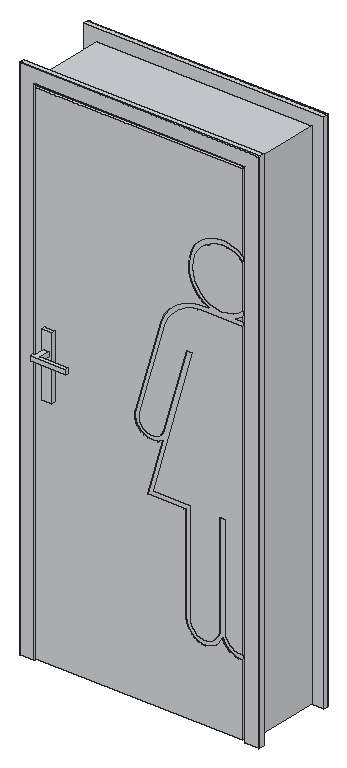
Revit family "PortaVECTORbp_L", category Drzwi, Revit 2016 (continued)
Definition of nested family "skrzydło"
  Automatic sketch dimensions
    Extrusion 3 sketch curve to Extrusion 3 sketch curve = 1.387 mm  (x3)
    Extrusion 3 sketch curve to Extrusion 3 sketch curve = 2.773 mm
    Extrusion 3 sketch curve to Extrusion 3 sketch curve = 1.582 mm
    Extrusion 3 sketch curve to Extrusion 3 sketch curve = 1.67 mm
    Extrusion 3 sketch curve to Extrusion 3 sketch curve = 2.9 mm
    Extrusion 3 sketch curve to Extrusion 3 sketch curve = 1.777 mm  (x3)
    Extrusion 3 sketch curve to Extrusion 3 sketch curve = 3.018 mm
    Extrusion 3 sketch curve to Extrusion 3 sketch curve = 1.855 mm
    Extrusion 3 sketch curve to Extrusion 3 sketch curve = 1.953 mm
    Extrusion 3 sketch curve to Extrusion 3 sketch curve = 3.125 mm
    Extrusion 3 sketch curve to Extrusion 3 sketch curve = 2.051 mm  (x2)
    Extrusion 3 sketch curve to Extrusion 3 sketch curve = 2.129 mm  (x2)
    Extrusion 3 sketch curve to Extrusion 3 sketch curve = 3.242 mm
    Extrusion 3 sketch curve to Extrusion 3 sketch curve = 2.217 mm
    Extrusion 3 sketch curve to Extrusion 3 sketch curve = 3.359 mm
    Extrusion 3 sketch curve to Extrusion 3 sketch curve = 2.314 mm  (x2)
    plane 3 "Środek (Lewa/Prawa)" to Extrusion 3 sketch curve = 30.94 mm
    Extrusion 3 sketch curve to Extrusion 3 sketch curve = 2.393 mm  (x4)
    Extrusion 3 sketch curve to Extrusion 3 sketch curve = 3.896 mm
    Extrusion 3 sketch curve to Extrusion 3 sketch curve = 2.48 mm
    Extrusion 3 sketch curve to Extrusion 3 sketch curve = 3.916 mm  (x2)
    Extrusion 3 sketch curve to Extrusion 3 sketch curve = 3.926 mm  (x2)
    Extrusion 3 sketch curve to Extrusion 3 sketch curve = 2.432 mm
    Extrusion 3 sketch curve to Extrusion 3 sketch curve = 2.422 mm  (x3)
    Extrusion 3 sketch curve to Extrusion 3 sketch curve = 3.936 mm
    Extrusion 3 sketch curve to Extrusion 3 sketch curve = 23.88 mm
    Extrusion 3 sketch curve to Extrusion 3 sketch curve = 3.887 mm  (x2)
    Extrusion 3 sketch curve to Extrusion 3 sketch curve = 2.373 mm  (x4)
    Extrusion 3 sketch curve to Extrusion 3 sketch curve = 2.354 mm
    Extrusion 3 sketch curve to Extrusion 3 sketch curve = 3.857 mm
    Extrusion 3 sketch curve to Extrusion 3 sketch curve = 2.334 mm
    Extrusion 3 sketch curve to Extrusion 3 sketch curve = 2.305 mm  (x3)
    Extrusion 3 sketch curve to Extrusion 3 sketch curve = 3.818 mm  (x2)
    Extrusion 3 sketch curve to Extrusion 3 sketch curve = 2.266 mm
    Extrusion 3 sketch curve to Extrusion 3 sketch curve = 3.77 mm
    Extrusion 3 sketch curve to Extrusion 3 sketch curve = 2.227 mm
    Extrusion 3 sketch curve to Extrusion 3 sketch curve = 2.197 mm  (x2)
    Extrusion 3 sketch curve to Extrusion 3 sketch curve = 3.701 mm  (x2)
    Extrusion 3 sketch curve to Extrusion 3 sketch curve = 2.139 mm
    Extrusion 3 sketch curve to Extrusion 3 sketch curve = 2.1 mm
    Extrusion 3 sketch curve to Extrusion 3 sketch curve = 3.633 mm  (x2)
    Extrusion 3 sketch curve to Extrusion 3 sketch curve = 1.992 mm
    Extrusion 3 sketch curve to Extrusion 3 sketch curve = 3.564 mm
    Extrusion 3 sketch curve to Extrusion 3 sketch curve = 1.924 mm  (x3)
    Extrusion 3 sketch curve to Extrusion 3 sketch curve = 3.467 mm
    Extrusion 3 sketch curve to Extrusion 3 sketch curve = 1.865 mm  (x2)
    plane 3 "Środek (Lewa/Prawa)" to Extrusion 3 sketch curve = 82.753 mm
    Extrusion 3 sketch curve to Extrusion 3 sketch curve = 1.807 mm
    Extrusion 3 sketch curve to Extrusion 3 sketch curve = 3.379 mm
    Extrusion 3 sketch curve to Extrusion 3 sketch curve = 1.729 mm
    Extrusion 3 sketch curve to Extrusion 3 sketch curve = 1.65 mm  (x2)
    Extrusion 3 sketch curve to Extrusion 3 sketch curve = 1.572 mm
    Extrusion 3 sketch curve to Extrusion 3 sketch curve = 1.396 mm
    Extrusion 3 sketch curve to Extrusion 3 sketch curve = 6.619 mm
    Extrusion 3 sketch curve to Extrusion 3 sketch curve = 1.318 mm  (x3)
    Extrusion 3 sketch curve to Extrusion 3 sketch curve = 1.221 mm
    Extrusion 3 sketch curve to Extrusion 3 sketch curve = 1.123 mm
    Extrusion 3 sketch curve to Extrusion 3 sketch curve = 1.016 mm
    Extrusion 3 sketch curve to Extrusion 3 sketch curve = 0.918 mm  (x2)
    Extrusion 3 sketch curve to Extrusion 3 sketch curve = 17.272 mm
    Extrusion 3 sketch curve to Extrusion 3 sketch curve = 128.53 mm
    plane 3 "Środek (Lewa/Prawa)" to Extrusion 3 sketch curve = 183.447 mm
    Extrusion 3 sketch curve to Extrusion 3 sketch curve = 0 mm  (x5)
    Extrusion 3 sketch curve to Extrusion 3 sketch curve = 86.274 mm
    Extrusion 3 sketch curve to Extrusion 3 sketch curve = 17.998 mm  (x3)
    Extrusion 3 sketch curve to Extrusion 3 sketch curve = 24.177 mm
    Extrusion 3 sketch curve to Extrusion 3 sketch curve = 30.062 mm
    Extrusion 3 sketch curve to Extrusion 3 sketch curve = 37.411 mm
    Extrusion 3 sketch curve to Extrusion 3 sketch curve = 0.193 mm  (x2)
    Extrusion 3 sketch curve to Extrusion 3 sketch curve = 56.325 mm
    Extrusion 3 sketch curve to Extrusion 3 sketch curve = 1.209 mm  (x2)
    Extrusion 3 sketch curve to Extrusion 3 sketch curve = 26.059 mm
    Extrusion 3 sketch curve to Extrusion 3 sketch curve = 57.593 mm
    Extrusion 3 sketch curve to plane 5 "Prawa" = 92.35 mm
    Extrusion 3 sketch curve to plane 5 "Prawa" = 81.2 mm
    Extrusion 3 sketch curve to Extrusion 3 sketch curve = 11.298 mm
    Extrusion 3 sketch curve to Extrusion 3 sketch curve = 0.152 mm
    Extrusion 3 sketch curve to Extrusion 3 sketch curve = 23.271 mm
    Extrusion 3 sketch curve to Extrusion 3 sketch curve = 23.564 mm
    Extrusion 3 sketch curve to plane 5 "Prawa" = 27.345 mm
    Extrusion 3 sketch curve to plane 5 "Prawa" = 11.342 mm
    Extrusion 3 sketch curve to Extrusion 3 sketch curve = 0.638 mm
    Extrusion 3 sketch curve to plane 5 "Prawa" = 1.175 mm
    plane 5 "Prawa" to Extrusion 3 sketch curve = 6.274 mm
    plane 5 "Prawa" to Extrusion 3 sketch curve = 37.143 mm
    plane 5 "Prawa" to Extrusion 3 sketch curve = 46.166 mm
    Extrusion 3 sketch curve to Extrusion 3 sketch curve = 24.531 mm
    Extrusion 3 sketch curve to Extrusion 3 sketch curve = 87.43 mm
    plane 5 "Prawa" to Extrusion 3 sketch curve = 150.902 mm
    Extrusion 3 sketch curve to Extrusion 3 sketch curve = 0.908 mm
    Extrusion 3 sketch curve to Extrusion 3 sketch curve = 1.045 mm
    Extrusion 3 sketch curve to Extrusion 3 sketch curve = 1.162 mm
    Extrusion 3 sketch curve to Extrusion 3 sketch curve = 1.504 mm
    Extrusion 3 sketch curve to Extrusion 3 sketch curve = 1.592 mm  (x2)
    Extrusion 3 sketch curve to Extrusion 3 sketch curve = 1.699 mm
    Extrusion 3 sketch curve to Extrusion 3 sketch curve = 6.32 mm
    Extrusion 3 sketch curve to Extrusion 3 sketch curve = 17.223 mm
    Extrusion 3 sketch curve to Extrusion 3 sketch curve = 3.662 mm
    Extrusion 3 sketch curve to Extrusion 3 sketch curve = 1.934 mm
    Extrusion 3 sketch curve to Extrusion 3 sketch curve = 2.012 mm
    Extrusion 3 sketch curve to Extrusion 3 sketch curve = 3.76 mm
    Extrusion 3 sketch curve to Extrusion 3 sketch curve = 2.07 mm
    Extrusion 3 sketch curve to Extrusion 3 sketch curve = 3.838 mm
    Extrusion 3 sketch curve to Extrusion 3 sketch curve = 2.187 mm  (x2)
    Extrusion 3 sketch curve to Extrusion 3 sketch curve = 2.236 mm
    Extrusion 3 sketch curve to Extrusion 3 sketch curve = 3.906 mm
    Extrusion 3 sketch curve to Extrusion 3 sketch curve = 2.275 mm  (x3)
    Extrusion 3 sketch curve to Extrusion 3 sketch curve = 3.955 mm
    Extrusion 3 sketch curve to Extrusion 3 sketch curve = 2.344 mm  (x2)
    Extrusion 3 sketch curve to Extrusion 3 sketch curve = 3.994 mm
    Extrusion 3 sketch curve to Extrusion 3 sketch curve = 2.363 mm
    Extrusion 3 sketch curve to Extrusion 3 sketch curve = 4.014 mm
    Extrusion 3 sketch curve to Extrusion 3 sketch curve = 128.546 mm
    Extrusion 3 sketch curve to Extrusion 3 sketch curve = 4.023 mm
    Extrusion 3 sketch curve to Extrusion 3 sketch curve = 2.402 mm  (x2)
    Extrusion 3 sketch curve to Extrusion 3 sketch curve = 4.004 mm
    Extrusion 3 sketch curve to Extrusion 3 sketch curve = 2.383 mm
    Extrusion 3 sketch curve to Extrusion 3 sketch curve = 3.984 mm
    Extrusion 3 sketch curve to Extrusion 3 sketch curve = 3.945 mm
    Extrusion 3 sketch curve to Extrusion 3 sketch curve = 2.246 mm
    Extrusion 3 sketch curve to Extrusion 3 sketch curve = 23.894 mm
    Extrusion 3 sketch curve to Extrusion 3 sketch curve = 3.721 mm
    Extrusion 3 sketch curve to Extrusion 3 sketch curve = 3.252 mm
    Extrusion 3 sketch curve to Extrusion 3 sketch curve = 3.35 mm
    Extrusion 3 sketch curve to Extrusion 3 sketch curve = 3.398 mm
    Extrusion 3 sketch curve to Extrusion 3 sketch curve = 4.395 mm
    Extrusion 3 sketch curve to Extrusion 3 sketch curve = 1.689 mm  (x2)
    Extrusion 3 sketch curve to Extrusion 3 sketch curve = 4.551 mm
    Extrusion 3 sketch curve to Extrusion 3 sketch curve = 1.66 mm  (x2)
    Extrusion 3 sketch curve to Extrusion 3 sketch curve = 1.641 mm
    Extrusion 3 sketch curve to Extrusion 3 sketch curve = 1.602 mm  (x3)
    Extrusion 3 sketch curve to Extrusion 3 sketch curve = 4.629 mm
    Extrusion 3 sketch curve to Extrusion 3 sketch curve = 1.553 mm
    Extrusion 3 sketch curve to Extrusion 3 sketch curve = 1.514 mm
    Extrusion 3 sketch curve to Extrusion 3 sketch curve = 2.324 mm
    Extrusion 3 sketch curve to Extrusion 3 sketch curve = 1.455 mm
    Extrusion 3 sketch curve to Extrusion 3 sketch curve = 1.24 mm
    Extrusion 3 sketch curve to Extrusion 3 sketch curve = 1.143 mm
    Extrusion 3 sketch curve to Extrusion 3 sketch curve = 2.256 mm  (x2)
    Extrusion 3 sketch curve to Extrusion 3 sketch curve = 1.055 mm
    Extrusion 3 sketch curve to Extrusion 3 sketch curve = 0.957 mm
    Extrusion 3 sketch curve to Extrusion 3 sketch curve = 0.732 mm  (x2)
    Extrusion 3 sketch curve to Extrusion 3 sketch curve = 0.84 mm  (x2)
    Extrusion 3 sketch curve to Extrusion 3 sketch curve = 0.859 mm
    Extrusion 3 sketch curve to Extrusion 3 sketch curve = 0.664 mm  (x2)
    Extrusion 3 sketch curve to Extrusion 3 sketch curve = 0.469 mm
    Extrusion 3 sketch curve to Extrusion 3 sketch curve = 0.303 mm
    Extrusion 3 sketch curve to Extrusion 3 sketch curve = 2.148 mm
    Extrusion 3 sketch curve to Extrusion 3 sketch curve = 2.08 mm
    Extrusion 3 sketch curve to Extrusion 3 sketch curve = 2.002 mm
    Extrusion 3 sketch curve to Extrusion 3 sketch curve = 1.816 mm
    Extrusion 3 sketch curve to Extrusion 3 sketch curve = 1.709 mm
    Extrusion 3 sketch curve to Extrusion 3 sketch curve = 1.465 mm
    Extrusion 3 sketch curve to Extrusion 3 sketch curve = 17.275 mm
    Extrusion 3 sketch curve to Extrusion 3 sketch curve = 1.172 mm
    Extrusion 3 sketch curve to Extrusion 3 sketch curve = 1.006 mm
    Extrusion 3 sketch curve to Extrusion 3 sketch curve = 1.201 mm
    Extrusion 3 sketch curve to Extrusion 3 sketch curve = 0.654 mm
    Extrusion 3 sketch curve to Extrusion 3 sketch curve = 0.42 mm
    Extrusion 3 sketch curve to Extrusion 3 sketch curve = 0.264 mm  (x3)
    Extrusion 3 sketch curve to Extrusion 3 sketch curve = 0.039 mm
    Extrusion 3 sketch curve to plane 7 = 415.304 mm
    Extrusion 3 sketch curve to Extrusion 3 sketch curve = 0.15 mm
    Extrusion 3 sketch curve to Extrusion 3 sketch curve = 123.521 mm
    Extrusion 3 sketch curve to Extrusion 3 sketch curve = 18.154 mm
    Extrusion 3 sketch curve to Extrusion 3 sketch curve = 18.158 mm
    Extrusion 3 sketch curve to Extrusion 3 sketch curve = 100.662 mm
    Extrusion 3 sketch curve to Extrusion 3 sketch curve = 5.086 mm
    Extrusion 3 sketch curve to Extrusion 3 sketch curve = 107.64 mm
    Extrusion 3 sketch curve to Extrusion 3 sketch curve = 5.177 mm
    Extrusion 3 sketch curve to Extrusion 3 sketch curve = 7.345 mm
    Extrusion 3 sketch curve to Extrusion 3 sketch curve = 7.41 mm
    Extrusion 3 sketch curve to Extrusion 3 sketch curve = 0.238 mm
    Extrusion 3 sketch curve to Extrusion 3 sketch curve = 278.337 mm
    Extrusion 3 sketch curve to Extrusion 3 sketch curve = 278.802 mm
    Extrusion 3 sketch curve to Extrusion 3 sketch curve = 3.136 mm
    Extrusion 3 sketch curve to Extrusion 3 sketch curve = 4.296 mm
    Extrusion 3 sketch curve to Extrusion 3 sketch curve = 5.049 mm
    Extrusion 3 sketch curve to Extrusion 3 sketch curve = 5.188 mm
    Extrusion 3 sketch curve to Extrusion 3 sketch curve = 3.137 mm
    Extrusion 3 sketch curve to Extrusion 3 sketch curve = 2.255 mm  (x2)
    Extrusion 3 sketch curve to Extrusion 3 sketch curve = 3.088 mm
    Extrusion 3 sketch curve to Extrusion 3 sketch curve = 4.176 mm
    Extrusion 3 sketch curve to Extrusion 3 sketch curve = 3.135 mm
    Extrusion 3 sketch curve to Extrusion 3 sketch curve = 2.257 mm
    Extrusion 3 sketch curve to Extrusion 3 sketch curve = 3.004 mm
    Extrusion 3 sketch curve to Extrusion 3 sketch curve = 4.056 mm
    Extrusion 3 sketch curve to Extrusion 3 sketch curve = 3.128 mm
    Extrusion 3 sketch curve to Extrusion 3 sketch curve = 2.919 mm
    Extrusion 3 sketch curve to Extrusion 3 sketch curve = 2.251 mm
    Extrusion 3 sketch curve to Extrusion 3 sketch curve = 3.117 mm
    Extrusion 3 sketch curve to Extrusion 3 sketch curve = 3.937 mm
    Extrusion 3 sketch curve to Extrusion 3 sketch curve = 2.244 mm
    Extrusion 3 sketch curve to Extrusion 3 sketch curve = 2.836 mm
    Extrusion 3 sketch curve to Extrusion 3 sketch curve = 2.234 mm
    Extrusion 3 sketch curve to Extrusion 3 sketch curve = 3.101 mm
    Extrusion 3 sketch curve to Extrusion 3 sketch curve = 2.752 mm
    Extrusion 3 sketch curve to Extrusion 3 sketch curve = 3.819 mm
    Extrusion 3 sketch curve to Extrusion 3 sketch curve = 2.221 mm
    Extrusion 3 sketch curve to Extrusion 3 sketch curve = 3.082 mm
    Extrusion 3 sketch curve to Extrusion 3 sketch curve = 2.669 mm
    Extrusion 3 sketch curve to Extrusion 3 sketch curve = 2.205 mm  (x2)
    Extrusion 3 sketch curve to Extrusion 3 sketch curve = 2.585 mm
    Extrusion 3 sketch curve to Extrusion 3 sketch curve = 3.059 mm
    Extrusion 3 sketch curve to Extrusion 3 sketch curve = 2.185 mm
    Extrusion 3 sketch curve to Extrusion 3 sketch curve = 2.502 mm
    Extrusion 3 sketch curve to Extrusion 3 sketch curve = 3.583 mm
    Extrusion 3 sketch curve to Extrusion 3 sketch curve = 2.163 mm
    Extrusion 3 sketch curve to Extrusion 3 sketch curve = 3.031 mm
    Extrusion 3 sketch curve to Extrusion 3 sketch curve = 2.138 mm
    Extrusion 3 sketch curve to Extrusion 3 sketch curve = 2.42 mm
    Extrusion 3 sketch curve to Extrusion 3 sketch curve = 3.465 mm
    Extrusion 3 sketch curve to Extrusion 3 sketch curve = 2.999 mm
    Extrusion 3 sketch curve to Extrusion 3 sketch curve = 2.11 mm
    Extrusion 3 sketch curve to Extrusion 3 sketch curve = 2.337 mm
    Extrusion 3 sketch curve to Extrusion 3 sketch curve = 0.914 mm
    Extrusion 3 sketch curve to Extrusion 3 sketch curve = 2.079 mm
    Extrusion 3 sketch curve to Extrusion 3 sketch curve = 2.963 mm
    Extrusion 3 sketch curve to Extrusion 3 sketch curve = 3.349 mm
    Extrusion 3 sketch curve to Extrusion 3 sketch curve = 0.62 mm
    Extrusion 3 sketch curve to Extrusion 3 sketch curve = 2.904 mm
    Extrusion 3 sketch curve to Extrusion 3 sketch curve = 2.045 mm  (x2)
    Extrusion 3 sketch curve to Extrusion 3 sketch curve = 2.173 mm
    Extrusion 3 sketch curve to Extrusion 3 sketch curve = 2.923 mm
    Extrusion 3 sketch curve to Extrusion 3 sketch curve = 2.596 mm
    Extrusion 3 sketch curve to Extrusion 3 sketch curve = 3.232 mm
    Extrusion 3 sketch curve to Extrusion 3 sketch curve = 2.008 mm
    Extrusion 3 sketch curve to Extrusion 3 sketch curve = 2.091 mm
    Extrusion 3 sketch curve to Extrusion 3 sketch curve = 2.758 mm
    Extrusion 3 sketch curve to Extrusion 3 sketch curve = 2.486 mm
    Extrusion 3 sketch curve to Extrusion 3 sketch curve = 2.878 mm
    Extrusion 3 sketch curve to Extrusion 3 sketch curve = 1.967 mm
    Extrusion 3 sketch curve to Extrusion 3 sketch curve = 2.01 mm
    Extrusion 3 sketch curve to Extrusion 3 sketch curve = 3.116 mm
    Extrusion 3 sketch curve to Extrusion 3 sketch curve = 2.614 mm
    Extrusion 3 sketch curve to Extrusion 3 sketch curve = 2.375 mm
    Extrusion 3 sketch curve to Extrusion 3 sketch curve = 1.928 mm
    Extrusion 3 sketch curve to Extrusion 3 sketch curve = 2.83 mm
    Extrusion 3 sketch curve to Extrusion 3 sketch curve = 3.001 mm
    Extrusion 3 sketch curve to Extrusion 3 sketch curve = 1.878 mm
    Extrusion 3 sketch curve to Extrusion 3 sketch curve = 2.472 mm
    Extrusion 3 sketch curve to Extrusion 3 sketch curve = 2.265 mm
    Extrusion 3 sketch curve to Extrusion 3 sketch curve = 1.847 mm
    Extrusion 3 sketch curve to Extrusion 3 sketch curve = 2.777 mm
    Extrusion 3 sketch curve to Extrusion 3 sketch curve = 1.829 mm
    Extrusion 3 sketch curve to Extrusion 3 sketch curve = 2.332 mm
    Extrusion 3 sketch curve to Extrusion 3 sketch curve = 1.766 mm  (x2)
    Extrusion 3 sketch curve to Extrusion 3 sketch curve = 2.155 mm
    Extrusion 3 sketch curve to Extrusion 3 sketch curve = 2.886 mm
    Extrusion 3 sketch curve to Extrusion 3 sketch curve = 1.686 mm
    Extrusion 3 sketch curve to Extrusion 3 sketch curve = 2.72 mm
    Extrusion 3 sketch curve to Extrusion 3 sketch curve = 2.194 mm
    Extrusion 3 sketch curve to Extrusion 3 sketch curve = 1.722 mm
    Extrusion 3 sketch curve to Extrusion 3 sketch curve = 2.771 mm
    Extrusion 3 sketch curve to Extrusion 3 sketch curve = 1.606 mm  (x2)
    Extrusion 3 sketch curve to Extrusion 3 sketch curve = 2.058 mm
    Extrusion 3 sketch curve to Extrusion 3 sketch curve = 1.935 mm
    Extrusion 3 sketch curve to Extrusion 3 sketch curve = 1.664 mm
    Extrusion 3 sketch curve to Extrusion 3 sketch curve = 2.659 mm
    Extrusion 3 sketch curve to Extrusion 3 sketch curve = 1.525 mm
    Extrusion 3 sketch curve to Extrusion 3 sketch curve = 2.657 mm
    Extrusion 3 sketch curve to Extrusion 3 sketch curve = 1.825 mm
    Extrusion 3 sketch curve to Extrusion 3 sketch curve = 1.923 mm
    Extrusion 3 sketch curve to Extrusion 3 sketch curve = 1.446 mm
    Extrusion 3 sketch curve to Extrusion 3 sketch curve = 2.594 mm
    Extrusion 3 sketch curve to Extrusion 3 sketch curve = 1.366 mm
    Extrusion 3 sketch curve to Extrusion 3 sketch curve = 1.538 mm
    Extrusion 3 sketch curve to Extrusion 3 sketch curve = 1.716 mm
    Extrusion 3 sketch curve to Extrusion 3 sketch curve = 1.791 mm
    Extrusion 3 sketch curve to Extrusion 3 sketch curve = 2.543 mm
    Extrusion 3 sketch curve to Extrusion 3 sketch curve = 1.286 mm
    Extrusion 3 sketch curve to Extrusion 3 sketch curve = 1.471 mm
    Extrusion 3 sketch curve to Extrusion 3 sketch curve = 2.525 mm
    Extrusion 3 sketch curve to Extrusion 3 sketch curve = 1.207 mm
    Extrusion 3 sketch curve to Extrusion 3 sketch curve = 1.401 mm
    Extrusion 3 sketch curve to Extrusion 3 sketch curve = 2.43 mm
    Extrusion 3 sketch curve to Extrusion 3 sketch curve = 1.497 mm
    Extrusion 3 sketch curve to Extrusion 3 sketch curve = 1.532 mm
    Extrusion 3 sketch curve to Extrusion 3 sketch curve = 1.128 mm
    Extrusion 3 sketch curve to Extrusion 3 sketch curve = 1.328 mm
    Extrusion 3 sketch curve to Extrusion 3 sketch curve = 2.451 mm
    Extrusion 3 sketch curve to Extrusion 3 sketch curve = 1.388 mm
    Extrusion 3 sketch curve to Extrusion 3 sketch curve = 1.05 mm
    Extrusion 3 sketch curve to Extrusion 3 sketch curve = 1.405 mm
    Extrusion 3 sketch curve to Extrusion 3 sketch curve = 2.317 mm
    Extrusion 3 sketch curve to Extrusion 3 sketch curve = 1.252 mm
    Extrusion 3 sketch curve to Extrusion 3 sketch curve = 1.279 mm
    Extrusion 3 sketch curve to Extrusion 3 sketch curve = 1.28 mm
    Extrusion 3 sketch curve to Extrusion 3 sketch curve = 1.864 mm
    Extrusion 3 sketch curve to Extrusion 3 sketch curve = 1.173 mm  (x2)
    Extrusion 3 sketch curve to Extrusion 3 sketch curve = 1.17 mm
    Extrusion 3 sketch curve to Extrusion 3 sketch curve = 1.158 mm
    Extrusion 3 sketch curve to Extrusion 3 sketch curve = 1.09 mm
    Extrusion 3 sketch curve to Extrusion 3 sketch curve = 1.552 mm
    Extrusion 3 sketch curve to Extrusion 3 sketch curve = 1.062 mm
    Extrusion 3 sketch curve to Extrusion 3 sketch curve = 1.037 mm
    Extrusion 3 sketch curve to Extrusion 3 sketch curve = 1.005 mm
    Extrusion 3 sketch curve to Extrusion 3 sketch curve = 0.953 mm
    Extrusion 3 sketch curve to Extrusion 3 sketch curve = 2.291 mm
    Extrusion 3 sketch curve to Extrusion 3 sketch curve = 1.242 mm
    Extrusion 3 sketch curve to Extrusion 3 sketch curve = 0.917 mm
    Extrusion 3 sketch curve to Extrusion 3 sketch curve = 2.093 mm
    Extrusion 3 sketch curve to Extrusion 3 sketch curve = 0.845 mm
    Extrusion 3 sketch curve to Extrusion 3 sketch curve = 0.801 mm
    Extrusion 3 sketch curve to Extrusion 3 sketch curve = 0.723 mm
    Extrusion 3 sketch curve to Extrusion 3 sketch curve = 0.763 mm
    Extrusion 3 sketch curve to Extrusion 3 sketch curve = 0.737 mm
    Extrusion 3 sketch curve to Extrusion 3 sketch curve = 0.686 mm
    Extrusion 3 sketch curve to Extrusion 3 sketch curve = 0.657 mm
    Extrusion 3 sketch curve to Extrusion 3 sketch curve = 0.545 mm
    Extrusion 3 sketch curve to Extrusion 3 sketch curve = 0.629 mm
    Extrusion 3 sketch curve to Extrusion 3 sketch curve = 0.572 mm
    Extrusion 3 sketch curve to Extrusion 3 sketch curve = 2.206 mm
    Extrusion 3 sketch curve to Extrusion 3 sketch curve = 0.55 mm
    Extrusion 3 sketch curve to Extrusion 3 sketch curve = 0.453 mm
    Extrusion 3 sketch curve to Extrusion 3 sketch curve = 1.982 mm
    Extrusion 3 sketch curve to Extrusion 3 sketch curve = 0.461 mm
    Extrusion 3 sketch curve to Extrusion 3 sketch curve = 0.521 mm
    Extrusion 3 sketch curve to Extrusion 3 sketch curve = 0.359 mm
    Extrusion 3 sketch curve to Extrusion 3 sketch curve = 0.444 mm
    Extrusion 3 sketch curve to Extrusion 3 sketch curve = 0.352 mm
    Extrusion 3 sketch curve to Extrusion 3 sketch curve = 0.413 mm
    Extrusion 3 sketch curve to Extrusion 3 sketch curve = 0.245 mm
    Extrusion 3 sketch curve to Extrusion 3 sketch curve = 0.337 mm
    Extrusion 3 sketch curve to Extrusion 3 sketch curve = 0.166 mm
    Extrusion 3 sketch curve to Extrusion 3 sketch curve = 0.139 mm
    Extrusion 3 sketch curve to Extrusion 3 sketch curve = 0.305 mm
    Extrusion 3 sketch curve to Extrusion 3 sketch curve = 0.066 mm
    Extrusion 3 sketch curve to Extrusion 3 sketch curve = 0.231 mm
    Extrusion 3 sketch curve to Extrusion 3 sketch curve = 0.198 mm
    Extrusion 3 sketch curve to Extrusion 3 sketch curve = 0.124 mm
    Extrusion 3 sketch curve to Extrusion 3 sketch curve = 0.09 mm
    Extrusion 3 sketch curve to Extrusion 3 sketch curve = 2.115 mm
    Extrusion 3 sketch curve to Extrusion 3 sketch curve = 1.871 mm
    Extrusion 3 sketch curve to Extrusion 3 sketch curve = 1.76 mm
    Extrusion 3 sketch curve to Extrusion 3 sketch curve = 2.021 mm
    Extrusion 3 sketch curve to Extrusion 3 sketch curve = 1.922 mm
    Extrusion 3 sketch curve to Extrusion 3 sketch curve = 15.037 mm
    Extrusion 3 sketch curve to Extrusion 3 sketch curve = 1.541 mm
    Extrusion 3 sketch curve to Extrusion 3 sketch curve = 14.068 mm
    Extrusion 3 sketch curve to Extrusion 3 sketch curve = 1.82 mm
    Extrusion 3 sketch curve to Extrusion 3 sketch curve = 1.432 mm
    Extrusion 3 sketch curve to Extrusion 3 sketch curve = 1.713 mm
    Extrusion 3 sketch curve to Extrusion 3 sketch curve = 3.806 mm
    Extrusion 3 sketch curve to Extrusion 3 sketch curve = 2.538 mm
    Extrusion 3 sketch curve to Extrusion 3 sketch curve = 4.011 mm
    Extrusion 3 sketch curve to Extrusion 3 sketch curve = 1.487 mm
    Extrusion 3 sketch curve to Extrusion 3 sketch curve = 1.876 mm
    Extrusion 3 sketch curve to Extrusion 3 sketch curve = 2.107 mm
    Extrusion 3 sketch curve to Extrusion 3 sketch curve = 1.367 mm
    Extrusion 3 sketch curve to Extrusion 3 sketch curve = 1.623 mm
    Extrusion 3 sketch curve to Extrusion 3 sketch curve = 1.549 mm
    Extrusion 3 sketch curve to Extrusion 3 sketch curve = 1.679 mm
    Extrusion 3 sketch curve to Extrusion 3 sketch curve = 1.244 mm
    Extrusion 3 sketch curve to Extrusion 3 sketch curve = 1.376 mm
    Extrusion 3 sketch curve to Extrusion 3 sketch curve = 1.334 mm
    Extrusion 3 sketch curve to Extrusion 3 sketch curve = 1.212 mm
    Extrusion 3 sketch curve to Extrusion 3 sketch curve = 1.133 mm
    Extrusion 3 sketch curve to Extrusion 3 sketch curve = 1.119 mm
    Extrusion 3 sketch curve to Extrusion 3 sketch curve = 0.991 mm
    Extrusion 3 sketch curve to Extrusion 3 sketch curve = 1.003 mm
    Extrusion 3 sketch curve to Extrusion 3 sketch curve = 0.896 mm
    Extrusion 3 sketch curve to Extrusion 3 sketch curve = 0.803 mm
    Extrusion 3 sketch curve to Extrusion 3 sketch curve = 0.904 mm
    Extrusion 3 sketch curve to Extrusion 3 sketch curve = 0.793 mm
    Extrusion 3 sketch curve to Extrusion 3 sketch curve = 0.665 mm
    Extrusion 3 sketch curve to Extrusion 3 sketch curve = 0.609 mm
    Extrusion 3 sketch curve to Extrusion 3 sketch curve = 0.69 mm
    Extrusion 3 sketch curve to Extrusion 3 sketch curve = 0.583 mm
    Extrusion 3 sketch curve to Extrusion 3 sketch curve = 0.439 mm
    Extrusion 3 sketch curve to Extrusion 3 sketch curve = 0.411 mm
    Extrusion 3 sketch curve to Extrusion 3 sketch curve = 0.477 mm
    Extrusion 3 sketch curve to Extrusion 3 sketch curve = 0.219 mm
    Extrusion 3 sketch curve to Extrusion 3 sketch curve = 0.206 mm
    Extrusion 3 sketch curve to Extrusion 3 sketch curve = 0.372 mm
    Extrusion 3 sketch curve to Extrusion 3 sketch curve = 0.051 mm
    Extrusion 3 sketch curve to Extrusion 3 sketch curve = 187.67 mm
    Extrusion 3 sketch curve to Extrusion 3 sketch curve = 0.007 mm
    Extrusion 3 sketch curve to Extrusion 3 sketch curve = 0.033 mm
    Extrusion 3 sketch curve to Extrusion 3 sketch curve = 17.965 mm
    Extrusion 3 sketch curve to Extrusion 3 sketch curve = 18.025 mm
    plane 9 to Extrusion 3 sketch curve = 357.575 mm
    Extrusion 3 sketch curve to Extrusion 3 sketch curve = 0.017 mm
    Extrusion 3 sketch curve to Extrusion 3 sketch curve = 0.562 mm
    Extrusion 3 sketch curve to Extrusion 3 sketch curve = 0.601 mm
    Extrusion 3 sketch curve to Extrusion 3 sketch curve = 1.327 mm
    Extrusion 3 sketch curve to Extrusion 3 sketch curve = 0.931 mm
    radius of Extrusion 2 sketch curve = 117.01 mm
    radius of Extrusion 3 sketch curve = 117.01 mm
  Nested families
    nested 1: "KLAMKA" at (-454, -33.5, 1067), Materiał klamki <- "Materiał_klamka", type "KLAMKA"
      with Materiał klamki none
    nested 2: "KLAMKA" at (-454, 6.5, 1067), Materiał klamki <- "Materiał_klamka", type "KLAMKA"
      with Materiał klamki none
  Definition of nested family "KLAMKA"
    Parameters
      Materiał klamki [instance] = none
      Assembly Code = ""
      Default Elevation = 1219.2 mm
    Reference planes
      plane 1 "Center (Front/Back)": y = 0
      plane 2: z = 0
      plane 3 "Center (Left/Right)": x = 0
      plane 4: z = 125
      plane 5: z = -125
      plane 6: x = 20
      plane 7: x = -20
      plane 8: y = -70
      plane 9: y = -60
      plane 10: x = 10
      plane 11: x = -10
      plane 12: x = 120
      plane 13: z = 35
      plane 14: z = 55
      plane 15: y = -15
    Forms (mm)
      Extrusion 1, solid, material <- "Materiał klamki"
        sketch origin (0, 0, 0) x (1, 0, 0) y (0, 0, 1)
          loop
            line (-20, 125) -> (-20, -125) -> (20, -125) -> (20, 125) -> (-20, 125)
        from 0 to 15
      Extrusion 2, solid, material <- "Materiał klamki"
        sketch origin (0, 0, 0) x (1, 0, 0) y (0, 1, 0)
          loop
            line (-10, -15) -> (-10, -60) -> (-20, -60) -> (-20, -70) -> (120, -70) -> (120, -60) -> (10, -60) -> (10, -15) -> (-10, -15)
        from 35 to 55
    Dimensions and locks
      equal spacing: plane 4, plane 2, plane 5
      plane 4 to plane 5 = 250 mm
      equal spacing: plane 7, plane 3 "Center (Left/Right)", plane 6
      plane 7 to plane 6 = 40 mm
      plane 8 to plane 1 "Center (Front/Back)" = 70 mm
      plane 11 to plane 3 "Center (Left/Right)" to plane 10 = 10 mm locked, 10 mm locked
      plane 7 to plane 12 = 140 mm
      plane 15 to plane 1 "Center (Front/Back)" = 15 mm
      aligned and locked: plane 7 to Extrusion 1 sketch curve
      aligned and locked: Extrusion 1 sketch curve to plane 4
      aligned and locked: plane 5 to Extrusion 1 sketch curve
      aligned and locked: Extrusion 1 sketch curve to plane 6
      aligned and locked: plane 15 to Extrusion 1
      aligned and locked: Extrusion 1 to plane 1 "Center (Front/Back)"
      aligned and locked: plane 14 to Extrusion 2
      aligned and locked: Extrusion 2 to plane 13
    Automatic sketch dimensions
      Extrusion 2 sketch curve to plane 7 = 0 mm
      Extrusion 2 sketch curve to plane 9 = 0 mm  (x2)
      Extrusion 2 sketch curve to plane 11 = 0 mm
      Extrusion 2 sketch curve to plane 10 = 0 mm
      Extrusion 2 sketch curve to plane 12 = 0 mm
      Extrusion 2 sketch curve to plane 8 = 0 mm
      Extrusion 2 sketch curve to plane 15 = 0 mm
Types (5, lengths in mm): name | Szerokość brutto | Ss | Sb | Szerokość
  PN 70 | 780 | 718 | 746 | 700
  PN 60 | 680 | 618 | 646 | 600
  PN 80 | 880 | 818 | 846 | 800
  PN 90 | 980 | 918 | 946 | 900
  PN 100 | 1080 | 1018 | 1046 | 1000
